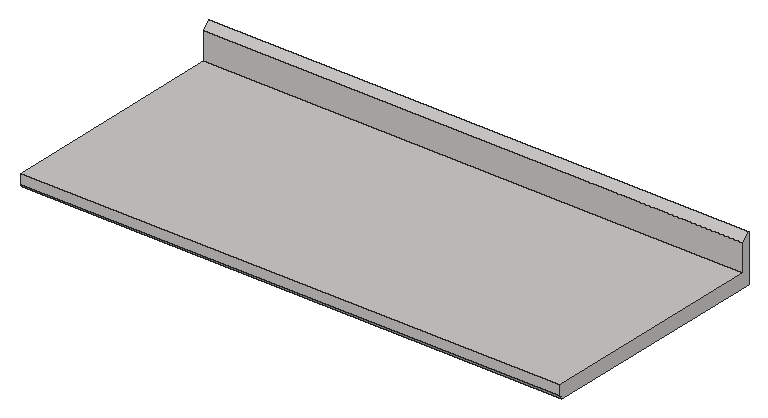
Revit family "QF_ELECTROLUXPROFESSIONAL_121145_TPLA16A", category Attrezzature speciali, Revit 2020
Family settings
  Quota connettore circolare = Usa diametro
  Tipo di parte = Normale
  Basato su piano di lavoro = No
  Sempre verticale = Sì
  Taglio con vuoti quando caricato = No
  Condiviso = No
  Punto di calcolo locali = No
Parameters (values of type "Standard")
  Weight = 53.00 kg
  Watts = 0 W
  Volts = 0 V
  URL Manufacturer = "https://www.electroluxprofessional.com/"
  URL = "https://www.electroluxprofessional.com/"
  Steam Supply Size = 0 mm
  Steam Supply Minimum Pressure = 0.0 Pa
  Steam Supply Maximum Pressure = 0.0 Pa
  Steam Consumption per Hour = 0
  Refrigeration Suction Line Size = 0.0 mm
  Refrigeration Liquid Line Size = 0.0 mm
  Refrigerant Compressor Remote = yes
  Prospetto di default = 0.0 mm
  Phase = 0
  Modello = "TPLA16A"
  Produttore = "Electrolux Professional"
  Length Actual = 1600.0 mm  # constant formula
  Item Number = "121145"
  Hot Water Size = 0 mm
  Height Actual = 140.0 mm  # constant formula
  HP = "0 HP"
  Gas Size = 0 mm
  Gas KW = 0
  Gas Input Pressure = 0 W
  Direct Waste Size = 0 mm
  Descrizione = "WORK TOP WITH UPSTAND 1600MM"
  Depth Actual = 700.0 mm  # constant formula
  Cycle = 0 Hz
  Condensate Return Size = 0 mm
  Compressed Air Volume = 0.0 L/s
  Compressed Air Size = 0 mm
  Compressed Air Pressure = 0.0 Pa
  Cold Water Size = 0 mm
  Accessory = yes
Reference planes
  plane 1 "Center (Front/Back)": y = 0
  plane 2: z = 0
  plane 3 "Center (Left/Right)": x = -300
  plane 4 "LEFT": x = -1100
  plane 5 "RIGHT": x = 500
  plane 6 "BACK": y = 350
  plane 7 "FRONT": y = -350
  plane 8 "TOP": z = 1000
  plane 9: z = 900
  plane 10: z = 860
Forms (mm)
  Extrusion 1, solid, material "QF_Finishes_Stainless Steel"
    sketch origin (-300, 0, 0) x (0, 1, 0) y (0, 0, 1)
      loop
        line (350, 1000) -> (330, 980) -> (330, 900) -> (-350, 900) -> (-350, 870) -> (-340, 860) -> (350, 860) -> (350, 1000)
    from 800 to -800
Lines and regions (mm)
  symbolic lines
    curve 1: line (500, 350, 1000) -> (-1100, 350, 1000)
    curve 2: line (-1100, 350, 1000) -> (-1100, -350, 1000)
    curve 3: line (-1100, -350, 1000) -> (500, -350, 1000)
    curve 4: line (500, -350, 1000) -> (500, 350, 1000)
    curve 5: line (-1100, 330, 1000) -> (500, 330, 1000)
Dimensions and locks
  plane 4 "LEFT" to plane 5 "RIGHT" = 1600.0 mm
  equal spacing: plane 4 "LEFT", plane 3 "Center (Left/Right)", plane 5 "RIGHT"
  plane 6 "BACK" to plane 7 "FRONT" = 700.0 mm
  equal spacing: plane 6 "BACK", plane 1 "Center (Front/Back)", plane 7 "FRONT"
  locked: plane 8 "TOP" to plane 9 at 100
  locked: plane 6 "BACK" to Extrusion 1 sketch curve at 20
  plane 10 to level = 860.0 mm
  plane 8 "TOP" to plane 10 = 140.0 mm
  aligned and locked: level to plane 2
  aligned and locked: Extrusion 1 to plane 4 "LEFT"
  aligned and locked: plane 5 "RIGHT" to Extrusion 1
  aligned and locked: curve 2 to plane 4 "LEFT"
  aligned and locked: Extrusion 1 sketch curve to plane 9
  aligned and locked: Extrusion 1 sketch curve to plane 6 "BACK"
  aligned and locked: plane 7 "FRONT" to Extrusion 1 sketch curve
  aligned and locked: plane 10 to Extrusion 1 sketch curve
Automatic sketch dimensions
  curve 3 to plane 7 "FRONT" = 0.0 mm
  curve 4 to plane 5 "RIGHT" = 0.0 mm
  curve 4 to plane 6 "BACK" = 0.0 mm
  curve 5 to plane 6 "BACK" = 20.0 mm
  Extrusion 1 sketch curve to plane 8 "TOP" = 0.0 mm
  Extrusion 1 sketch curve to plane 8 "TOP" = 20.0 mm
  plane 7 "FRONT" to Extrusion 1 sketch curve = 10.0 mm
  level to Extrusion 1 sketch curve = 870.0 mm
